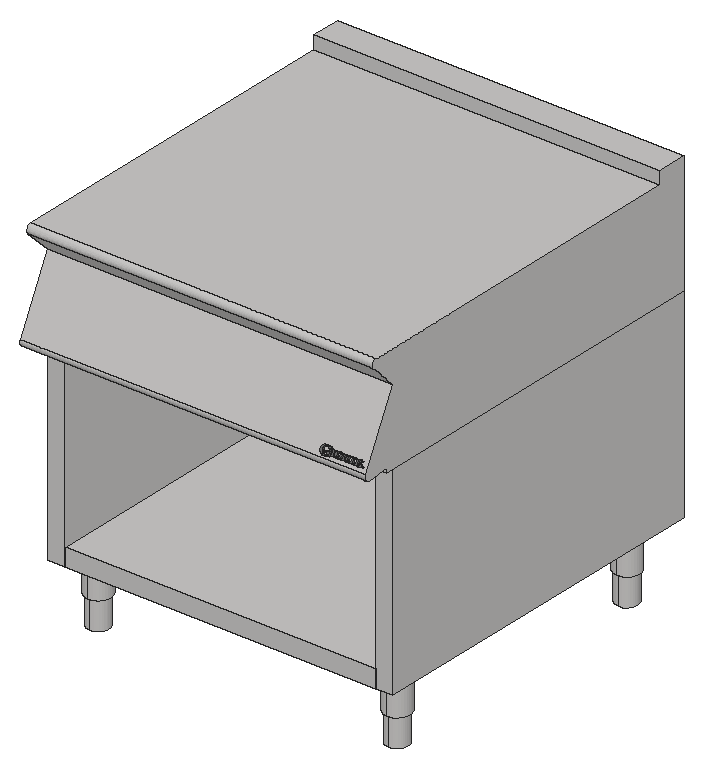
Revit family "QF_GIORIK_EN940G", category Specialty Equipment, Revit 2014
Parameters (values of type "EN940G")
  Weight in Pounds = 176.3696
  URL Cutsheet = "www.giorik.com"
  URL = "www.giorik.com"
  Status [instance] = ""
  Specification by User [instance] = ""
  Specification by Manufacturer = ""
  Show Logo [instance] = yes
  Show Clearance [instance] = yes
  Serial Number = ""
  Seismic Rating = ""
  SMACNA No = ""
  Revision Code [instance] = ""
  NAFEM Spec ID Number = ""
  Model = "EN940G"
  Masterspec = ""
  Manufacturer = "GIORIK"
  Item Number [instance] = ""
  Installed By [instance] = ""
  Identify Quantity as Lot [instance] = no
  Furnished By [instance] = ""
  Foodservice Equipment Identifier [instance] = yes
  Description = "NEUTRAL UNIT ON OPEN BASE UNIT"
  CSI MasterFormat = ""
  Assembly Code = "E1090320"
Reference planes
  plane 1 "Back": y = 0
  plane 2: z = 0
  plane 3 "Left": x = 0
  plane 4 "Right": x = 800
  plane 5 "Front": y = -920
  plane 6 "Top": z = 900
Forms (mm)
  Extrusion 1, solid, visible <- "Show Logo"
    sketch origin (596.604, -936.761, 609.486) x (-1, 0, 0) y (0, 0.452718, 0.891654)
      loop
        line (-118.824, 58.358) -> (-127.804, 58.358) -> (-125.523, 56.445) -> (-125.523, 48.027) -> (-127.804, 46.113) -> (-118.824, 46.113) -> (-121.105, 48.027) -> (-121.105, 56.445) -> (-118.824, 58.358)
      loop
        line (-163.721, 58.358) -> (-172.7, 58.358) -> (-170.42, 56.445) -> (-170.42, 48.027) -> (-172.7, 46.113) -> (-163.721, 46.113) -> (-166.001, 48.027) -> (-166.001, 56.445) -> (-163.721, 58.358)
      loop
        line (-174.332, 58.358) -> (-183.312, 58.358) -> (-181.031, 56.445) -> (-181.031, 52.435) -> (-186.419, 56.955) -> (-184.416, 58.358) -> (-191.268, 58.358) -> (-188.01, 56.839) -> (-185.455, 54.283) -> (-190.846, 47.858) -> (-193.396, 46.93) -> (-193.396, 46.113) -> (-184.416, 46.113) -> (-185.437, 47.571) -> (-182.443, 51.552) -> (-181.031, 50.894) -> (-181.031, 48.027) -> (-183.312, 46.113) -> (-174.332, 46.113) -> (-176.613, 48.027) -> (-176.613, 56.445) -> (-174.332, 58.358)
      loop
        line (-115.429, 62.063) -> (-115.429, 54.198)
        arc (-115.429, 54.198) -> (-111.618, 57.803) -> (-106.847, 59.986) r 16.039
        arc (-106.847, 59.986) -> (-103.314, 59.837) -> (-100.512, 57.68) r 5.851
        arc (-100.512, 57.68) -> (-98.815, 52.267) -> (-100.512, 46.853) r 9.479
        arc (-100.512, 46.853) -> (-102.406, 44.986) -> (-104.846, 43.93) r 7.236
        arc (-104.846, 43.93) -> (-107.728, 44.111) -> (-110.052, 45.825) r 5.11
        line (-110.052, 45.825) -> (-110.052, 52.001) -> (-116.141, 52.001) -> (-116.141, 45.503) -> (-117.893, 43.751) -> (-114.094, 44.769)
        arc (-114.094, 44.769) -> (-112.56, 44.947) -> (-111.129, 44.366) r 3.115
        arc (-111.129, 44.366) -> (-104.216, 42.091) -> (-97.303, 44.366) r 11.641
        arc (-97.303, 44.366) -> (-93.396, 52.107) -> (-97.303, 59.849) r 9.622
        arc (-97.303, 59.849) -> (-104.369, 62.174) -> (-111.435, 59.849) r 11.898
        line (-111.435, 59.849) -> (-115.429, 62.063)
      loop
        arc (-129.234, 56.068) -> (-135.893, 58.628) -> (-142.552, 56.068) r 9.941
        arc (-142.552, 56.068) -> (-144.234, 52.286) -> (-142.552, 48.505) r 5.093
        arc (-142.552, 48.505) -> (-135.893, 45.945) -> (-129.234, 48.505) r 9.941
        arc (-129.234, 48.505) -> (-127.552, 52.286) -> (-129.234, 56.068) r 5.093
      loop
        arc (-132.628, 54.403) -> (-135.893, 57.668) -> (-139.158, 54.403) r 3.265
        line (-139.158, 54.403) -> (-139.158, 50.169)
        arc (-139.158, 50.169) -> (-135.893, 46.904) -> (-132.628, 50.169) r 3.265
        line (-132.628, 50.169) -> (-132.628, 54.403)
      loop
        arc (-156.363, 58.365) -> (-159.647, 55.081) -> (-156.363, 51.796) r 3.285
        line (-156.363, 51.796) -> (-159.529, 47.306) -> (-162.087, 46.113) -> (-155.847, 46.113) -> (-153.529, 51.083) -> (-150.637, 51.083) -> (-150.637, 47.784) -> (-153.022, 46.113) -> (-144.011, 46.113) -> (-146.094, 47.68) -> (-146.094, 56.493) -> (-144.229, 58.365) -> (-156.363, 58.365)
      loop
        line (-150.637, 57.512) -> (-153.637, 57.512)
        arc (-153.637, 57.512) -> (-156.237, 54.912) -> (-153.637, 52.312) r 2.6
        line (-153.637, 52.312) -> (-150.637, 52.312) -> (-150.637, 57.512)
      loop
        line (-108.924, 52.001) -> (-104.936, 49.005) -> (-100.948, 52.001) -> (-108.924, 52.001)
    from 1.5 to -0.5
  Extrusion 2, solid
    sketch origin (-16, 1025.81, 0) x (1, 0, 0) y (0, 1, 0)
      loop
        line (25, -1086.81) -> (25, -1156.81) -> (115, -1156.81) -> (115, -1086.81) -> (25, -1086.81)
    from 148 to 150
  Extrusion 3, solid
    sketch origin (816, 1025.81, 0) x (-1, 0, 0) y (0, -1, 0)
      loop
        line (25, 1086.81) -> (115, 1086.81) -> (115, 1156.81) -> (25, 1156.81) -> (25, 1086.81)
    from 148 to 150
  Extrusion 4, solid
    sketch origin (0, 800, -20) x (0, 1, 0) y (0, 0, 1)
      loop
        line (-800, 919.988) -> (-870, 919.988) -> (-870, 889.988) -> (-1688.806, 889.988)
        arc (-1688.806, 889.988) -> (-1699.151, 883.075) -> (-1696.724, 870.873) r 11.197
        line (-1696.724, 870.873) -> (-1640.876, 815.025) -> (-1718.948, 661.258)
        arc (-1718.948, 661.258) -> (-1718.233, 650.105) -> (-1708.118, 645.354) r 10.981
        line (-1708.118, 645.354) -> (-1660, 649.925) -> (-1660, 640) -> (-800, 640) -> (-800, 919.988)
    from 0 to 800
  Extrusion 5, solid
    sketch origin (0, -200, 599.536) x (1, 0, 0) y (0, 1, 0)
      loop
        line (0, -640) -> (40, -640) -> (40, 160) -> (760, 160) -> (760, -640) -> (800, -640) -> (800, 200) -> (0, 200) -> (0, -640)
    from -449.536 to 20.464
  Extrusion 6, solid
    sketch origin (0, -200, 0) x (1, 0, 0) y (0, 1, 0)
      loop
        line (40, 160) -> (40, -640) -> (760, -640) -> (760, 160) -> (40, 160)
    from 150 to 190
  Extrusion 7, solid
    sketch origin (-16, 360.81, 0) x (1, 0, 0) y (0, 1, 0)
      loop
        line (25, -1086.81) -> (25, -1156.81) -> (115, -1156.81) -> (115, -1086.81) -> (25, -1086.81)
    from 148 to 150
  Revolve 8, solid
    sketch origin (54, 360.81, 0) x (0, 1, 0) y (0, 0, 1)
      loop
        line (-1092.56, 66) -> (-1092.56, 148) -> (-1121.81, 148) -> (-1121.81, 0) -> (-1096.81, 0) -> (-1096.81, 66) -> (-1092.56, 66)
      axis (-1121.81, 0) -> (-1121.81, 148)
    angle from 0 to 360
  Extrusion 9, solid
    sketch origin (816, 360.81, 0) x (-1, 0, 0) y (0, -1, 0)
      loop
        line (25, 1086.81) -> (115, 1086.81) -> (115, 1156.81) -> (25, 1156.81) -> (25, 1086.81)
    from 148 to 150
  Revolve 10, solid
    sketch origin (746, 360.81, 0) x (0, 1, 0) y (0, 0, 1)
      loop
        line (-1092.56, 66) -> (-1092.56, 148) -> (-1121.81, 148) -> (-1121.81, 0) -> (-1096.81, 0) -> (-1096.81, 66) -> (-1092.56, 66)
      axis (-1121.81, 0) -> (-1121.81, 148)
    angle from 0 to 360
  Revolve 11, solid
    sketch origin (746, 1025.81, 0) x (0, 1, 0) y (0, 0, 1)
      loop
        line (-1092.56, 66) -> (-1092.56, 148) -> (-1121.81, 148) -> (-1121.81, 0) -> (-1096.81, 0) -> (-1096.81, 66) -> (-1092.56, 66)
      axis (-1121.81, 0) -> (-1121.81, 148)
    angle from 0 to 360
  Revolve 12, solid
    sketch origin (54, 1025.81, 0) x (0, 1, 0) y (0, 0, 1)
      loop
        line (-1092.56, 66) -> (-1092.56, 148) -> (-1121.81, 148) -> (-1121.81, 0) -> (-1096.81, 0) -> (-1096.81, 66) -> (-1092.56, 66)
      axis (-1121.81, 0) -> (-1121.81, 148)
    angle from 0 to 360
Lines and regions (mm)
  symbolic lines, style "200-EquipBorder-2D"
    curve 1: line (0, -920, 0) -> (800, -920, 0)
    curve 2: line (800, -920, 0) -> (800, 0, 0)
    curve 3: line (800, 0, 0) -> (0, 0, 0)
    curve 4: line (0, 0, 0) -> (0, -920, 0)
  symbolic lines, style "200-EquipInternal-2D"
    curve 5: line (0, -70, 900) -> (800, -70, 900)
Dimensions and locks
  plane 3 "Left" to plane 4 "Right" = 800 mm
  plane 5 "Front" to plane 1 "Back" = 920 mm
  plane 4 "Right" to plane 3 "Left" = 800 mm
  plane 1 "Back" to plane 5 "Front" = 920 mm
  plane 6 "Top" to level = 900 mm  (x2)
  aligned and locked: level to plane 2
